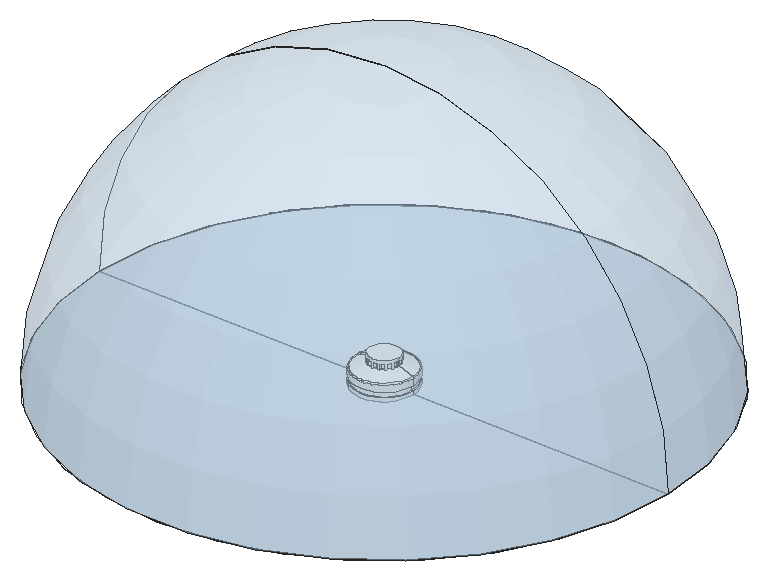
Revit family "4401I_Analog Smoke Detector", category Fire Alarm Devices, host Face, Revit 2020
Family settings
  Host = Face
  Maintain Annotation Orientation = No
  Round Connector Dimension = Use Diameter
  Part Type = Normal
  OmniClass Number = 23.85.30.21
  OmniClass Title = Environmental Detection/Registration
  Cut with Voids When Loaded = No
  Shared = No
  Room Calculation Point = No
Parameters (values of type "LOAD TYPE")
  ø (mm) = 102.0 mm
  Weight = "75g"
  Voltage Normal = "24 VDC"
  Voltage Allowed = "12 – 30 VDC"
  Version = "RVT20"
  Vds Approval = "G220004"
  Uniformat 2010 Description = "Detection and Alarm"
  Uniformat 2010  Code = "D7050"
  Uniclass 2015 Description = "Fire and smoke detector bases"
  Uniclass 2015 Code = "Pr_75_80_30_27 "
  URL = "https://www.panasonic-fire-security.com"
  Type Comments = "The photoelectric smoke detector with isolator 4401I has low profile housing. Artificial Intelligence uses smoke sensing for the fire judgement, as well as variable sensitivity and time  delay based on the smoke changes just before the alarm level is reached. \r\n/ 44xx can be plugged in the base. \r\nThe base is intended for indoor use and in dry premises."
  Tested and Approved = "EN54-7, EN54-17"
  Technical Number [instance] = ""
  Short Circuit Isolator = "Yes (Built-in)"
  Product Material = Polycarbonate_Panasonic_White
  Omniclass Description = "Smoke Detectors"
  Omniclass Code = "23.85.30.21.11.11.11"
  Model = "4401i"
  Min_Wire Size = "Ø 0.6 mm (0.28 mm²)"
  Max_Wire Size = "Ø 1.2 mm (1.13 mm²)"
  Manufacturer = "Panasonic"
  Ingress Protection Rating = "IP41"
  H_Total (mm) = 48.6 mm
  H_Detector (mm) = 34.0 mm
  H_Base (mm) = 14.6 mm
  Description = "Analog photoelectric smoke detector with isolator 4401I with 4412F analog base"
  Default Elevation = 1200.0 mm
  Current Quiescent = "0.3 mA"
  Current (Active) = "1.3 mA"
  Contact = ""
  Clearance Area (0,5m according EN54-14) [instance] = yes
  Clearance Area = Clearance Area
  CPR = "0786-CPR-21673"
  Bases = Base_4412J_4412S : 4412J
  Ambient Temperature Storage = "-25 to +75 °C"
  Ambient Temperature Operating = "-10 to +50 °C "
  Ambient Humidity = "Maximum 95 % RH"
  Address Range = "1-253\r"
Reference planes
  plane 1 "Center (Front/Back)": y = 0
  plane 2: z = 0
  plane 3 "Center (Left/Right)": x = 0
  plane 4 "4412F": z = 14.6
Forms (mm)
  Extrusion 1, solid, material "Clearance Area" <- "Clearance Area", visible <- "Clearance Area (0,5m according EN54-14)", detail levels medium+fine
    sketch origin (0, 0, 0) x (1, 0, 0) y (0, 1, 0)
      loop
        circle (0, 0) r 500
    from 0 to 1
  Revolve 2, solid, material "Clearance Area" <- "Clearance Area", visible <- "Clearance Area (0,5m according EN54-14)"
    sketch origin (0, 0, 0) x (1, 0, 0) y (0, 0, 1)
      loop
        arc (0, 500) -> (-353.553, 353.553) -> (-500, 0) r 500
        line (-500, 0) -> (0, 0) -> (0, 500)
      axis (0, 500) -> (0, 0)
    angle from 0 to 360
Lines and regions (mm)
  symbolic lines, style "Dash Fire", visible <- "Clearance Area (0,5m according EN54-14)", detail levels medium+fine
    curve 1: circle (0, 0, 0) r 500 normal (0, 0, 1)
Dimensions and locks
  "H_Base (mm)": plane 4 "4412F" to host face
  aligned and locked: plane 2 to host face
  aligned and locked: level to host face
Automatic sketch dimensions
  plane 1 "Center (Front/Back)" to curve 1 = 0.0 mm
  curve 1 to plane 3 "Center (Left/Right)" = 0.0 mm
  host sketch curve to host sketch curve = 2438.4 mm  (x2)
  plane 1 "Center (Front/Back)" to Extrusion 1 sketch curve = 0.0 mm
  Extrusion 1 sketch curve to plane 3 "Center (Left/Right)" = 0.0 mm
  Revolve 2 sketch curve to level = 0.0 mm
  Revolve 2 sketch curve to Revolve 2 sketch curve = 500.0 mm
  Revolve 2 sketch curve to plane 3 "Center (Left/Right)" = 0.0 mm
  radius of curve 1 = 500.0 mm
  radius of Extrusion 1 sketch curve = 500.0 mm
Nested families
  nested 1: "Base_4412J_4412S" at (0, 0, 0), type <- "Bases", type "4412J"
  nested 2: "4401I_Geometry" at (0, 0, 14.6), type "4401i"
Connectors
  electrical at (0, 0, 0)
    settings: index 1, voltage 0 V, apparent load 0 VA, apparent load phase1 0 VA, apparent load phase2 0 VA, apparent load phase3 0 VA, power factor 1, load classification "Other", number of poles 1, system type 11, power factor state 1, is connector primary yes, connector utility no, sub classification motor no, connector description ""
Definition of nested family "Base_4412J_4412S"
  Parameters (values of type "4412S")
    ø (mm) = 102.0 mm
    Weight = "43g"
    Voltage Normal = "24 VDC"  # constant formula
    Voltage Allowed = "12 – 30 VDC"  # constant formula
    Version = "RVT20"
    Uniformat 2010 Description = "Detection and Alarm"  # constant formula
    Uniformat 2010  Code = "D7050"  # constant formula
    Uniclass 2015 Description = "Fire and smoke detector bases"  # constant formula
    Uniclass 2015 Code = "Pr_75_80_30_27 "  # constant formula
    URL = "https://www.panasonic-fire-security.com"
    Type Comments = "The analog base 4412S is connected to a COM loop. The analog multi detector 4400I and the analog smoke detector with isolator 4401I can be plugged in the base 4412S."
    Tested and Approved = "Compliant with EN54-5 and EN54-7"  # constant formula
    Product Material = none
    Omniclass Description = "Smoke Detectors"  # constant formula
    Omniclass Code = "23.85.30.21.11.11.11"  # constant formula
    Model = "4412S"
    Min_Wire Size = "Ø 0.6 mm (0.3 mm²)"
    Max_Wire Size = "Ø 1.6 mm (2 mm²)"
    Manufacturer = "Panasonic"  # constant formula
    Ingress Protection Rating = "IP41"  # constant formula
    H_Total (mm) = 15.0 mm
    H_Base (mm) = 6.0 mm
    Description = "Analog Base_Fast connectors for COM loop and external LED_White"
    Default Elevation = 0.0 mm
    Contact = ""
    Ambient Temperature Storage = "-20 to +70 °C"  # constant formula
    Ambient Temperature Operating = "-10 to +55 °C"  # constant formula
    Ambient Humidity = "Maximum 95 % RH"  # constant formula
  Types (2, lengths in mm): name | Weight | Type Comments | Model | Min_Wire Size | Max_Wire Size
    4412J | "42g" | "The analog base 4412J is connected to a COM loop. The analog multi detector 4400I and the analog smoke detector with isolator 4401I can be plugged in the base 4412J." | "4412J" | "Ø 0.6 mm (0.28 mm²)" | "Ø 1.2 mm (1.13 mm²)"
    4412S | "43g" | "The analog base 4412S is connected to a COM loop. The analog multi detector 4400I and the analog smoke detector with isolator 4401I can be plugged in the base 4412S." | "4412S" | "Ø 0.6 mm (0.3 mm²)" | "Ø 1.6 mm (2 mm²)"
  Reference planes
    plane 1 "Center (Front/Back)": y = 0
    plane 2: z = 0
    plane 3 "Center (Left/Right)": x = 0
    plane 4: x = -51
    plane 5: x = 51
    plane 6: y = 51
    plane 7: y = -51
    plane 8: z = 15
    plane 9: z = 6
    plane 10: x = -25
    plane 11: x = 25
    plane 12: x = -36.5
    plane 13: x = 36.5
    plane 14: x = -48.5
    plane 15: x = -44.5
  Forms (mm)
    Extrusion 1, solid
      sketch origin (0, 0, 0) x (1, 0, 0) y (0, 1, 0)
        loop
          line (-1219.2, 1219.2) -> (-1219.2, -1219.2) -> (1219.2, -1219.2) -> (1219.2, 1219.2) -> (-1219.2, 1219.2)
      from 0 to -304.8
    Extrusion 2, void
      sketch origin (0, 0, 0) x (1, 0, 0) y (0, 1, 0)
        loop
          line (-36.5, -2.5) -> (-25, -2.5)
          arc (-25, -2.5) -> (-22.5, 0) -> (-25, 2.5) r 2.5
          line (-25, 2.5) -> (-36.5, 2.5)
          arc (-36.5, 2.5) -> (-39, 0) -> (-36.5, -2.5) r 2.5
        loop
          arc (36.5, -2.5) -> (39, 0) -> (36.5, 2.5) r 2.5
          line (36.5, 2.5) -> (25, 2.5)
          arc (25, 2.5) -> (22.5, 0) -> (25, -2.5) r 2.5
          line (25, -2.5) -> (36.5, -2.5)
        loop
          arc (-14.731, 32.099) -> (-15.832, 29.493) -> (-13.226, 28.393) r 2
          arc (-13.226, 28.393) -> (-9.024, 29.935) -> (-4.726, 31.189) r 65.864
          line (-4.726, 31.189) -> (4.858, 31.189)
          arc (4.858, 31.189) -> (12.559, 31.113) -> (6.024, 35.189) r 4
          line (6.024, 35.189) -> (-5.221, 35.189)
          arc (-5.221, 35.189) -> (-10.031, 33.814) -> (-14.731, 32.099) r 69.864
        loop
          arc (14.731, -31.161) -> (15.832, -28.555) -> (13.226, -27.455) r 2
          arc (13.226, -27.455) -> (9.024, -28.998) -> (4.726, -30.251) r 65.864
          line (4.726, -30.251) -> (-4.858, -30.251)
          arc (-4.858, -30.251) -> (-12.559, -30.175) -> (-6.024, -34.251) r 4
          line (-6.024, -34.251) -> (5.221, -34.251)
          arc (5.221, -34.251) -> (10.031, -32.876) -> (14.731, -31.161) r 69.864
      from 0 to 15
    Extrusion 3, void
      sketch origin (0, 0, 0) x (1, 0, 0) y (0, 1, 0)
        loop
          arc (-20.231, 6.555) -> (-18.161, 3.561) -> (-17.411, 0) r 9.223
          line (-17.411, 0) -> (-7.297, -12.489) -> (9.156, -15.39) -> (10.528, -17.084) -> (14.706, -13.701) -> (20.428, -6.107)
          arc (20.428, -6.107) -> (18.5, -3.356) -> (18.347, 0) r 6.023
          line (18.347, 0) -> (7.744, 13.094) -> (-9.331, 15.494) -> (-10.921, 17.388) -> (-15.103, 13.879) -> (-20.231, 6.555)
      from 0 to 15
    Revolve 4, solid, material <- "Product Material"
      sketch origin (0, 0, 0) x (1, 0, 0) y (0, 0, 1)
        loop
          line (-48.5, 15) -> (-48.5, 6) -> (-51, 6) -> (-51, 0) -> (0, 0) -> (0, 6) -> (-44.5, 6) -> (-44.5, 15) -> (-48.5, 15)
        axis (0, 0) -> (0, 15)
      angle from 0 to 360
  Cuts and joins
    Extrusion 2, Extrusion 3 cuts Revolve 4
  Dimensions and locks
    "ø (mm)": plane 4 to plane 5
    equal spacing: plane 12, plane 3 "Center (Left/Right)", plane 13
    equal spacing: plane 10, plane 3 "Center (Left/Right)", plane 11
    equal spacing: plane 4, plane 3 "Center (Left/Right)", plane 5
    locked: plane 10 to plane 11 at 50
    locked: plane 12 to plane 13 at 73
    plane 4 to plane 14 to plane 15 = 2.5 mm locked, 4.0 mm locked
    "H_Base (mm)": plane 9 to Extrusion 1
    "H_Total (mm)": plane 8 to Extrusion 1
    aligned and locked: plane 2 to Extrusion 1
    aligned and locked: level to Extrusion 1
    aligned and locked: Extrusion 2 to level
    aligned and locked: plane 8 to Extrusion 2
    aligned and locked: Extrusion 3 to level
    aligned and locked: plane 8 to Extrusion 3
    aligned and locked: plane 9 to Revolve 4 sketch curve
    aligned and locked: Revolve 4 sketch curve to plane 9
    aligned and locked: Revolve 4 sketch curve to plane 8
    aligned and locked: Revolve 4 sketch curve to plane 14
    aligned and locked: Revolve 4 sketch curve to plane 15
  Automatic sketch dimensions
    Extrusion 1 sketch curve to Extrusion 1 sketch curve = 2438.4 mm  (x2)
    plane 1 "Center (Front/Back)" to Extrusion 3 sketch curve = 0.0 mm  (x2)
    plane 1 "Center (Front/Back)" to Extrusion 3 sketch curve = 0.084 mm
    Extrusion 3 sketch curve to plane 10 = 1.634 mm
    plane 10 to Extrusion 3 sketch curve = 4.769 mm
    Extrusion 3 sketch curve to Extrusion 3 sketch curve = 2.821 mm
    Extrusion 3 sketch curve to Extrusion 3 sketch curve = 5.128 mm
    Extrusion 3 sketch curve to Extrusion 3 sketch curve = 4.182 mm
    Extrusion 3 sketch curve to Extrusion 3 sketch curve = 1.59 mm
    Extrusion 3 sketch curve to plane 3 "Center (Left/Right)" = 7.297 mm
    plane 3 "Center (Left/Right)" to Extrusion 3 sketch curve = 7.744 mm
    plane 3 "Center (Left/Right)" to Extrusion 3 sketch curve = 9.156 mm
    Extrusion 3 sketch curve to Extrusion 3 sketch curve = 1.371 mm
    Extrusion 3 sketch curve to Extrusion 3 sketch curve = 4.178 mm
    plane 11 to Extrusion 3 sketch curve = 0.799 mm
    plane 1 "Center (Front/Back)" to Extrusion 3 sketch curve = 1.413 mm
    plane 1 "Center (Front/Back)" to Extrusion 3 sketch curve = 12.489 mm
    plane 1 "Center (Front/Back)" to Extrusion 3 sketch curve = 13.701 mm
    Extrusion 3 sketch curve to Extrusion 3 sketch curve = 1.69 mm
    Extrusion 3 sketch curve to plane 1 "Center (Front/Back)" = 13.094 mm
    Extrusion 3 sketch curve to Extrusion 3 sketch curve = 7.324 mm
    Extrusion 3 sketch curve to Extrusion 3 sketch curve = 1.615 mm
    Extrusion 3 sketch curve to Extrusion 3 sketch curve = 5.854 mm
    plane 11 to Extrusion 3 sketch curve = 4.572 mm
    Revolve 4 sketch curve to level = 0.0 mm
    Revolve 4 sketch curve to plane 4 = 0.0 mm
    Revolve 4 sketch curve to plane 3 "Center (Left/Right)" = 0.0 mm  (x2)
    Revolve 4 sketch curve to Revolve 4 sketch curve = 11.897 mm
    plane 8 to Revolve 4 sketch curve = 13.103 mm
    Extrusion 2 sketch curve to Extrusion 2 sketch curve = 0.0 mm  (x6)
    Extrusion 2 sketch curve to plane 12 = 0.0 mm
    Extrusion 2 sketch curve to plane 10 = 0.0 mm
    Extrusion 2 sketch curve to plane 11 = 0.0 mm
    Extrusion 2 sketch curve to plane 13 = 0.0 mm
    plane 1 "Center (Front/Back)" to Extrusion 2 sketch curve = 0.0 mm  (x2)
    plane 10 to Extrusion 2 sketch curve = 11.021 mm
    Extrusion 2 sketch curve to Extrusion 2 sketch curve = 2.421 mm  (x2)
    Extrusion 2 sketch curve to plane 3 "Center (Left/Right)" = 8.719 mm
    Extrusion 2 sketch curve to Extrusion 2 sketch curve = 2.695 mm
    Extrusion 2 sketch curve to plane 3 "Center (Left/Right)" = 5.221 mm
    Extrusion 2 sketch curve to Extrusion 2 sketch curve = 3.861 mm  (x2)
    Extrusion 2 sketch curve to Extrusion 2 sketch curve = 0.495 mm  (x2)
    plane 3 "Center (Left/Right)" to Extrusion 2 sketch curve = 4.726 mm
    plane 3 "Center (Left/Right)" to Extrusion 2 sketch curve = 4.858 mm
    Extrusion 2 sketch curve to Extrusion 2 sketch curve = 1.167 mm
    Extrusion 2 sketch curve to Extrusion 2 sketch curve = 6.337 mm
    plane 1 "Center (Front/Back)" to Extrusion 2 sketch curve = 2.5 mm  (x2)
    Extrusion 2 sketch curve to plane 7 = 21.692 mm
    Extrusion 2 sketch curve to Extrusion 2 sketch curve = 0.943 mm  (x2)
    Extrusion 2 sketch curve to Extrusion 2 sketch curve = 1.044 mm  (x2)
    Extrusion 2 sketch curve to Extrusion 2 sketch curve = 3.323 mm
    Extrusion 2 sketch curve to plane 6 = 20.754 mm
    Extrusion 2 sketch curve to Extrusion 2 sketch curve = 1.47 mm
  Connectors
    electrical at (0, 0, 0)
      settings: index 1, voltage 0 V, apparent load 0 VA, apparent load phase1 0 VA, apparent load phase2 0 VA, apparent load phase3 0 VA, power factor 1, load classification none, number of poles 1, system type 11, power factor state 1, is connector primary yes, connector utility no, sub classification motor no, connector description ""
Definition of nested family "4401I_Geometry"
  Parameters (values of type "4401i")
    ø (mm) = 102.0 mm
    Version = "RVT20"
    Uniformat 2010 Description = "Detection and Alarm"
    Uniformat 2010  Code = "D7050"
    Uniclass 2015 Description = "Fire and smoke detector bases"
    Uniclass 2015 Code = "Pr_75_80_30_27 "
    URL = "https://www.panasonic-fire-security.com"
    Type Comments = "The Analog smoke detector with isolator has low profile housing. The latest IC technology will secure \r\nthe highest reliability possible. The 4401I smoke detector is not backwards compatible with older \r\ndetector types. Only Advanced mode is supported"
    Product Material = none
    Omniclass Description = "Smoke Detectors"
    Omniclass Code = "23.85.30.21.11.11.11"
    Model = "4401i"
    Manufacturer = "Panasonic"
    H_Detector (mm) = 34.0 mm
    Description = "The Analog smoke detector with isolator has low profile housing. The latest IC technology will secure \r\nthe highest reliability possible. The 4401I smoke detector is not backwards compatible with older \r\ndetector types. Only Advanced mode is supported"
    Default Elevation = 0.0 mm
    Contact = "https://www.panasonic-fire-security.com/contact"
  Reference planes
    plane 1 "Center (Front/Back)": y = 0
    plane 2: z = 0
    plane 3 "Center (Left/Right)": x = 0
    plane 4: z = 34.006
    plane 5: z = 29.606
    plane 6: z = 11
    plane 7: z = 12.7
    plane 8: z = 20.906
  Forms (mm)
    Extrusion 1, solid
      sketch origin (0, 0, 0) x (1, 0, 0) y (0, 1, 0)
        loop
          line (-1219.2, 1219.2) -> (-1219.2, -1219.2) -> (1219.2, -1219.2) -> (1219.2, 1219.2) -> (-1219.2, 1219.2)
      from 0 to -304.8
    Extrusion 2, solid, material <- "Product Material"
      sketch origin (0, 0, -6) x (1, 0, 0) y (0, 1, 0)
        loop
          circle (0, 0) r 51
        loop
          circle (0, 0) r 25
      from 6 to 17
    Revolve 3, solid, material <- "Product Material"
      sketch origin (0, 0, -6) x (1, 0, 0) y (0, 0, 1)
        loop
          line (-51, 17) -> (-25, 17) -> (-25, 18.7) -> (-49.402, 18.7)
          arc (-49.402, 18.7) -> (-50.525, 18.155) -> (-51, 17) r 1.752
        axis (0, 18.7) -> (0, 17)
      angle from 0 to 360
    Extrusion 4, solid, material <- "Product Material"
      sketch origin (0, 0, -6) x (1, 0, 0) y (0, 1, 0)
        loop
          circle (0, 0) r 25
      from 26.906 to 40.006
    Revolve 5, solid, material <- "Product Material"
      sketch origin (0, 0, -6) x (1, 0, 0) y (0, 0, 1)
        loop
          line (-49.402, 18.7) -> (-46.979, 18.7) -> (-22.577, 26.906) -> (-25, 26.906) -> (-49.402, 18.7)
        axis (0, 26.906) -> (0, 18.7)
      angle from 0 to 360
    Extrusion 6, void
      sketch origin (0, 0, -6) x (1, 0, 0) y (0, 1, 0)
        loop
          line (-18.878, 22.014) -> (-13.671, 15.941)
          arc (-13.671, 15.941) -> (-11.296, 17.703) -> (-8.698, 19.114) r 21
          line (-8.698, 19.114) -> (-11.774, 26.502)
          arc (-11.774, 26.502) -> (-15.49, 24.517) -> (-18.878, 22.014) r 29
        loop
          line (-9.068, 27.546) -> (-6.566, 19.947)
          arc (-6.566, 19.947) -> (-3.7, 20.671) -> (-0.76, 20.986) r 21
          line (-0.76, 20.986) -> (-0.79, 28.989)
          arc (-0.79, 28.989) -> (-4.981, 28.569) -> (-9.068, 27.546) r 29
        loop
          line (2.111, 28.923) -> (1.528, 20.944)
          arc (1.528, 20.944) -> (4.455, 20.522) -> (7.293, 19.693) r 21
          line (7.293, 19.693) -> (10.314, 27.104)
          arc (10.314, 27.104) -> (6.279, 28.312) -> (2.111, 28.923) r 29
        loop
          line (12.971, 25.938) -> (9.393, 18.782)
          arc (9.393, 18.782) -> (11.937, 17.277) -> (14.245, 15.429) r 21
          line (14.245, 15.429) -> (19.863, 21.13)
          arc (19.863, 21.13) -> (16.592, 23.785) -> (12.971, 25.938) r 29
        loop
          line (21.874, 19.04) -> (15.84, 13.787)
          arc (15.84, 13.787) -> (17.619, 11.426) -> (19.049, 8.839) r 21
          line (19.049, 8.839) -> (26.415, 11.969)
          arc (26.415, 11.969) -> (24.402, 15.67) -> (21.874, 19.04) r 29
        loop
          line (27.478, 9.27) -> (19.898, 6.713)
          arc (19.898, 6.713) -> (20.644, 3.852) -> (20.98, 0.914) r 21
          line (20.98, 0.914) -> (28.983, 1.003)
          arc (28.983, 1.003) -> (28.532, 5.191) -> (27.478, 9.27) r 29
        loop
          arc (20.955, -1.374) -> (20.554, -4.304) -> (19.746, -7.148) r 21
          line (19.746, -7.148) -> (27.179, -10.115)
          arc (27.179, -10.115) -> (28.358, -6.07) -> (28.938, -1.898) r 29
          line (28.938, -1.898) -> (20.955, -1.374)
        loop
          arc (18.851, -9.254) -> (17.365, -11.81) -> (15.534, -14.132) r 21
          line (15.534, -14.132) -> (21.275, -19.707)
          arc (21.275, -19.707) -> (23.906, -16.416) -> (26.032, -12.78) r 29
          line (26.032, -12.78) -> (18.851, -9.254)
        loop
          arc (13.904, -15.738) -> (11.556, -17.535) -> (8.978, -18.984) r 21
          line (8.978, -18.984) -> (12.163, -26.326)
          arc (12.163, -26.326) -> (15.849, -24.286) -> (19.2, -21.734) r 29
          line (19.2, -21.734) -> (13.904, -15.738)
        loop
          arc (1.216, -28.975) -> (5.401, -28.493) -> (9.472, -27.41) r 29
          line (9.472, -27.41) -> (6.859, -19.848)
          arc (6.859, -19.848) -> (4.004, -20.615) -> (1.069, -20.973) r 21
          line (1.069, -20.973) -> (1.216, -28.975)
        loop
          arc (-1.22, -20.965) -> (-4.152, -20.585) -> (-7.002, -19.798) r 21
          line (-7.002, -19.798) -> (-9.915, -27.253)
          arc (-9.915, -27.253) -> (-5.862, -28.401) -> (-1.685, -28.951) r 29
          line (-1.685, -28.951) -> (-1.22, -20.965)
        loop
          arc (-9.115, -18.919) -> (-11.682, -17.451) -> (-14.017, -15.637) r 21
          line (-14.017, -15.637) -> (-19.55, -21.42)
          arc (-19.55, -21.42) -> (-16.24, -24.026) -> (-12.588, -26.126) r 29
          line (-12.588, -26.126) -> (-9.115, -18.919)
        loop
          line (-18.917, -9.118) -> (-26.236, -12.356)
          arc (-26.236, -12.356) -> (-24.169, -16.027) -> (-21.592, -19.36) r 29
          line (-21.592, -19.36) -> (-15.635, -14.019)
          arc (-15.635, -14.019) -> (-17.449, -11.684) -> (-18.917, -9.118) r 21
        loop
          arc (-28.965, -1.429) -> (-28.452, -5.61) -> (-27.339, -9.673) r 29
          line (-27.339, -9.673) -> (-19.797, -7.005)
          arc (-19.797, -7.005) -> (-20.585, -4.155) -> (-20.964, -1.223) r 21
          line (-20.964, -1.223) -> (-28.965, -1.429)
        loop
          line (-28.963, 1.472) -> (-20.973, 1.066)
          arc (-20.973, 1.066) -> (-20.615, 4.001) -> (-19.849, 6.856) r 21
          line (-19.849, 6.856) -> (-27.325, 9.714)
          arc (-27.325, 9.714) -> (-28.444, 5.653) -> (-28.963, 1.472) r 29
        loop
          line (-25.842, 13.161) -> (-18.713, 9.53)
          arc (-18.713, 9.53) -> (-17.189, 12.064) -> (-15.324, 14.358) r 21
          line (-15.324, 14.358) -> (-20.983, 20.017)
          arc (-20.983, 20.017) -> (-23.662, 16.766) -> (-25.842, 13.161) r 29
      from 26.906 to 35.606
  Cuts and joins
    Extrusion 6 cuts Extrusion 4
    Extrusion 6 cuts Revolve 5
  Dimensions and locks
    plane 4 to plane 5 to plane 8 to plane 7 to plane 6 to Extrusion 1 = 4.4 mm locked, 8.7 mm locked, 8.206 mm locked, 1.7 mm locked, 11.0 mm locked
    plane 4 to Extrusion 1 = 34.006 mm
    aligned and locked: plane 2 to Extrusion 1
    aligned and locked: level to Extrusion 1
    aligned and locked: plane 4 to Extrusion 4
    aligned and locked: plane 6 to Extrusion 2
    aligned and locked: Revolve 3 sketch curve to plane 6
    aligned and locked: Revolve 3 sketch curve to plane 7
    aligned and locked: plane 5 to Extrusion 6
  Connectors
    electrical at (0, 0, 0)
      settings: index 1, voltage 0 V, apparent load 0 VA, apparent load phase1 0 VA, apparent load phase2 0 VA, apparent load phase3 0 VA, power factor 1, load classification none, number of poles 1, system type 11, power factor state 1, is connector primary yes, connector utility no, sub classification motor no, connector description ""
